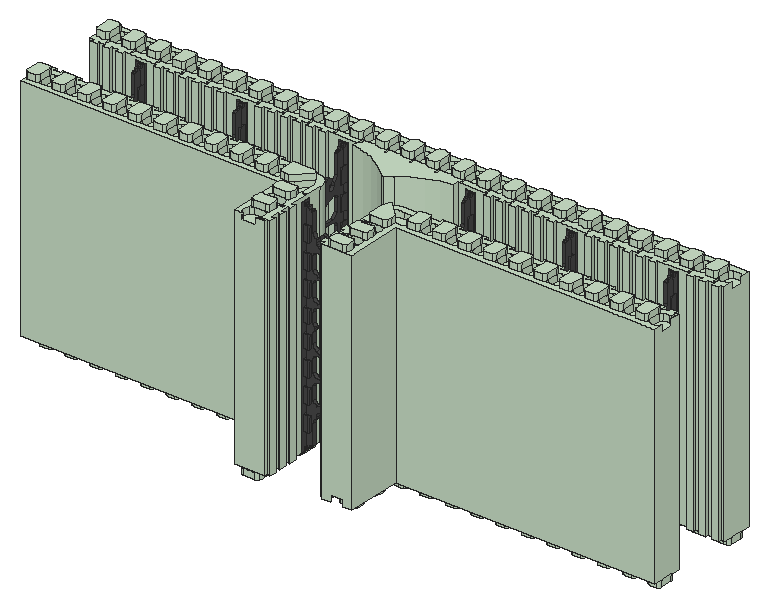
Revit family (continued)
Forms (in)
  Extrusion 46, void
    sketch origin (7.99998, -2.00002, 0) x (0, -1, 0) y (1, 0, 0)
      loop
        arc (-3.80702, -25.93338) -> (-3.78736, -25.92104) -> (-3.76455, -25.91673) r 0.0625
        line (-3.76455, -25.91673) -> (-3.41845, -25.91673) -> (-3.41845, -25.7459) -> (-3.64005, -25.7459)
        arc (-3.64005, -25.7459) -> (-3.68771, -25.72383) -> (-3.70172, -25.67321) r 0.0625
        arc (-3.70172, -25.67321) -> (-3.69045, -25.4209) -> (-3.73905, -25.17306) r 1.0625
        arc (-3.73905, -25.17306) -> (-3.82983, -25.04783) -> (-3.97692, -24.99998) r 0.25
        line (-3.97692, -24.99998) -> (-4.89808, -24.99998)
        arc (-4.89808, -24.99998) -> (-5.04517, -25.04783) -> (-5.13595, -25.17306) r 0.25
    from 18 to 17.5
  Extrusion 47, void
    sketch origin (9.99998, -2.00002, 0) x (0, -1, 0) y (1, 0, 0)
      loop
        arc (-5.13595, -25.17306) -> (-5.1875, -25.49998) -> (-5.13595, -25.8269) r 1.0625
        arc (-5.13595, -25.8269) -> (-5.04517, -25.95213) -> (-4.89808, -25.99998) r 0.25
        line (-4.89808, -25.99998) -> (-3.97692, -25.99998)
        arc (-3.97692, -25.99998) -> (-3.88568, -25.98274) -> (-3.80702, -25.93338) r 0.25
        arc (-3.80702, -25.93338) -> (-3.78736, -25.92104) -> (-3.76455, -25.91673) r 0.0625
        line (-3.76455, -25.91673) -> (-3.41845, -25.91673) -> (-3.41845, -25.7459) -> (-3.64005, -25.7459)
        arc (-3.64005, -25.7459) -> (-3.68771, -25.72383) -> (-3.70172, -25.67321) r 0.0625
        arc (-3.70172, -25.67321) -> (-3.69045, -25.4209) -> (-3.73905, -25.17306) r 1.0625
        arc (-3.73905, -25.17306) -> (-3.82983, -25.04783) -> (-3.97692, -24.99998) r 0.25
        line (-3.97692, -24.99998) -> (-4.89808, -24.99998)
        arc (-4.89808, -24.99998) -> (-5.04517, -25.04783) -> (-5.13595, -25.17306) r 0.25
    from 18 to 17.5
  Extrusion 48, void
    sketch origin (11.99998, -2.00002, 0) x (0, -1, 0) y (1, 0, 0)
      loop
        arc (-5.13595, -25.17306) -> (-5.1875, -25.49998) -> (-5.13595, -25.8269) r 1.0625
        arc (-5.13595, -25.8269) -> (-5.04517, -25.95213) -> (-4.89808, -25.99998) r 0.25
        line (-4.89808, -25.99998) -> (-3.97692, -25.99998)
        arc (-3.97692, -25.99998) -> (-3.88568, -25.98274) -> (-3.80702, -25.93338) r 0.25
        arc (-3.80702, -25.93338) -> (-3.78736, -25.92104) -> (-3.76455, -25.91673) r 0.0625
        line (-3.76455, -25.91673) -> (-3.41845, -25.91673) -> (-3.41845, -25.7459) -> (-3.64005, -25.7459)
        arc (-3.64005, -25.7459) -> (-3.68771, -25.72383) -> (-3.70172, -25.67321) r 0.0625
        arc (-3.70172, -25.67321) -> (-3.69045, -25.4209) -> (-3.73905, -25.17306) r 1.0625
        arc (-3.73905, -25.17306) -> (-3.82983, -25.04783) -> (-3.97692, -24.99998) r 0.25
        line (-3.97692, -24.99998) -> (-4.89808, -24.99998)
        arc (-4.89808, -24.99998) -> (-5.04517, -25.04783) -> (-5.13595, -25.17306) r 0.25
    from 18 to 17.5
  Extrusion 49, void
    sketch origin (13.99998, -2.00002, 0) x (0, -1, 0) y (1, 0, 0)
      loop
        arc (-5.13595, -25.17306) -> (-5.1875, -25.49998) -> (-5.13595, -25.8269) r 1.0625
        arc (-5.13595, -25.8269) -> (-5.04517, -25.95213) -> (-4.89808, -25.99998) r 0.25
        line (-4.89808, -25.99998) -> (-3.97692, -25.99998)
        arc (-3.97692, -25.99998) -> (-3.88568, -25.98274) -> (-3.80702, -25.93338) r 0.25
        arc (-3.80702, -25.93338) -> (-3.78736, -25.92104) -> (-3.76455, -25.91673) r 0.0625
        line (-3.76455, -25.91673) -> (-3.41845, -25.91673) -> (-3.41845, -25.7459) -> (-3.64005, -25.7459)
        arc (-3.64005, -25.7459) -> (-3.68771, -25.72383) -> (-3.70172, -25.67321) r 0.0625
        arc (-3.70172, -25.67321) -> (-3.69045, -25.4209) -> (-3.73905, -25.17306) r 1.0625
        arc (-3.73905, -25.17306) -> (-3.82983, -25.04783) -> (-3.97692, -24.99998) r 0.25
        line (-3.97692, -24.99998) -> (-4.89808, -24.99998)
        arc (-4.89808, -24.99998) -> (-5.04517, -25.04783) -> (-5.13595, -25.17306) r 0.25
    from 18 to 17.5
  Extrusion 50, void
    sketch origin (5.99998, -2.00002, 0) x (0, -1, 0) y (1, 0, 0)
      loop
        arc (-5.13595, -25.17306) -> (-5.1875, -25.49998) -> (-5.13595, -25.8269) r 1.0625
        arc (-5.13595, -25.8269) -> (-5.04517, -25.95213) -> (-4.89808, -25.99998) r 0.25
        line (-4.89808, -25.99998) -> (-3.97692, -25.99998)
        arc (-3.97692, -25.99998) -> (-3.88568, -25.98274) -> (-3.80702, -25.93338) r 0.25
        arc (-3.80702, -25.93338) -> (-3.78736, -25.92104) -> (-3.76455, -25.91673) r 0.0625
        line (-3.76455, -25.91673) -> (-3.41845, -25.91673) -> (-3.41845, -25.7459) -> (-3.64005, -25.7459)
        arc (-3.64005, -25.7459) -> (-3.68771, -25.72383) -> (-3.70172, -25.67321) r 0.0625
        arc (-3.70172, -25.67321) -> (-3.69045, -25.4209) -> (-3.73905, -25.17306) r 1.0625
        arc (-3.73905, -25.17306) -> (-3.82983, -25.04783) -> (-3.97692, -24.99998) r 0.25
        line (-3.97692, -24.99998) -> (-4.89808, -24.99998)
        arc (-4.89808, -24.99998) -> (-5.04517, -25.04783) -> (-5.13595, -25.17306) r 0.25
    from 18 to 17.5
  Extrusion 51, void
    sketch origin (1.99998, -2.00002, 0) x (0, -1, 0) y (1, 0, 0)
      loop
        arc (-5.13595, -25.17306) -> (-5.1875, -25.49998) -> (-5.13595, -25.8269) r 1.0625
        arc (-5.13595, -25.8269) -> (-5.04517, -25.95213) -> (-4.89808, -25.99998) r 0.25
        line (-4.89808, -25.99998) -> (-3.97692, -25.99998)
        arc (-3.97692, -25.99998) -> (-3.88568, -25.98274) -> (-3.80702, -25.93338) r 0.25
        arc (-3.80702, -25.93338) -> (-3.78736, -25.92104) -> (-3.76455, -25.91673) r 0.0625
        line (-3.76455, -25.91673) -> (-3.41845, -25.91673) -> (-3.41845, -25.7459) -> (-3.64005, -25.7459)
        arc (-3.64005, -25.7459) -> (-3.68771, -25.72383) -> (-3.70172, -25.67321) r 0.0625
        arc (-3.70172, -25.67321) -> (-3.69045, -25.4209) -> (-3.73905, -25.17306) r 1.0625
        arc (-3.73905, -25.17306) -> (-3.82983, -25.04783) -> (-3.97692, -24.99998) r 0.25
        line (-3.97692, -24.99998) -> (-4.89808, -24.99998)
        arc (-4.89808, -24.99998) -> (-5.04517, -25.04783) -> (-5.13595, -25.17306) r 0.25
    from 18 to 17.5
  Extrusion 52, void
    sketch origin (3.99998, -2.00002, 0) x (0, -1, 0) y (1, 0, 0)
      loop
        arc (-5.13595, -25.17306) -> (-5.1875, -25.49998) -> (-5.13595, -25.8269) r 1.0625
        arc (-5.13595, -25.8269) -> (-5.04517, -25.95213) -> (-4.89808, -25.99998) r 0.25
        line (-4.89808, -25.99998) -> (-3.97692, -25.99998)
        arc (-3.97692, -25.99998) -> (-3.88568, -25.98274) -> (-3.80702, -25.93338) r 0.25
        arc (-3.80702, -25.93338) -> (-3.78736, -25.92104) -> (-3.76455, -25.91673) r 0.0625
        line (-3.76455, -25.91673) -> (-3.41845, -25.91673) -> (-3.41845, -25.7459) -> (-3.64005, -25.7459)
        arc (-3.64005, -25.7459) -> (-3.68771, -25.72383) -> (-3.70172, -25.67321) r 0.0625
        arc (-3.70172, -25.67321) -> (-3.69045, -25.4209) -> (-3.73905, -25.17306) r 1.0625
        arc (-3.73905, -25.17306) -> (-3.82983, -25.04783) -> (-3.97692, -24.99998) r 0.25
        line (-3.97692, -24.99998) -> (-4.89808, -24.99998)
        arc (-4.89808, -24.99998) -> (-5.04517, -25.04783) -> (-5.13595, -25.17306) r 0.25
    from 18 to 17.5
  Extrusion 53, void
    sketch origin (-34.99998, 0.00002, 0) x (0, 1, 0) y (-1, 0, 0)
      loop
        arc (-5.13595, -25.17306) -> (-5.1875, -25.49998) -> (-5.13595, -25.8269) r 1.0625
        arc (-5.13595, -25.8269) -> (-5.04517, -25.95213) -> (-4.89808, -25.99998) r 0.25
        line (-4.89808, -25.99998) -> (-3.97692, -25.99998)
        arc (-3.97692, -25.99998) -> (-3.88568, -25.98274) -> (-3.80702, -25.93338) r 0.25
        arc (-3.80702, -25.93338) -> (-3.78736, -25.92104) -> (-3.76455, -25.91673) r 0.0625
        line (-3.76455, -25.91673) -> (-3.41845, -25.91673) -> (-3.41845, -25.7459) -> (-3.64005, -25.7459)
        arc (-3.64005, -25.7459) -> (-3.68771, -25.72383) -> (-3.70172, -25.67321) r 0.0625
        arc (-3.70172, -25.67321) -> (-3.69045, -25.4209) -> (-3.73905, -25.17306) r 1.0625
        arc (-3.73905, -25.17306) -> (-3.82983, -25.04783) -> (-3.97692, -24.99998) r 0.25
        line (-3.97692, -24.99998) -> (-4.89808, -24.99998)
        arc (-4.89808, -24.99998) -> (-5.04517, -25.04783) -> (-5.13595, -25.17306) r 0.25
    from 18 to 17.5
  Extrusion 54, void
    sketch origin (-36.99998, 0.00002, 0) x (0, 1, 0) y (-1, 0, 0)
      loop
        arc (-5.13595, -25.17306) -> (-5.1875, -25.49998) -> (-5.13595, -25.8269) r 1.0625
        arc (-5.13595, -25.8269) -> (-5.04517, -25.95213) -> (-4.89808, -25.99998) r 0.25
        line (-4.89808, -25.99998) -> (-3.97692, -25.99998)
        arc (-3.97692, -25.99998) -> (-3.88568, -25.98274) -> (-3.80702, -25.93338) r 0.25
        arc (-3.80702, -25.93338) -> (-3.78736, -25.92104) -> (-3.76455, -25.91673) r 0.0625
        line (-3.76455, -25.91673) -> (-3.41845, -25.91673) -> (-3.41845, -25.7459) -> (-3.64005, -25.7459)
        arc (-3.64005, -25.7459) -> (-3.68771, -25.72383) -> (-3.70172, -25.67321) r 0.0625
        arc (-3.70172, -25.67321) -> (-3.69045, -25.4209) -> (-3.73905, -25.17306) r 1.0625
        arc (-3.73905, -25.17306) -> (-3.82983, -25.04783) -> (-3.97692, -24.99998) r 0.25
        line (-3.97692, -24.99998) -> (-4.89808, -24.99998)
        arc (-4.89808, -24.99998) -> (-5.04517, -25.04783) -> (-5.13595, -25.17306) r 0.25
    from 18 to 17.5
  Extrusion 55, void
    sketch origin (-38.99998, 0.00002, 0) x (0, 1, 0) y (-1, 0, 0)
      loop
        arc (-5.13595, -25.17306) -> (-5.1875, -25.49998) -> (-5.13595, -25.8269) r 1.0625
        arc (-5.13595, -25.8269) -> (-5.04517, -25.95213) -> (-4.89808, -25.99998) r 0.25
        line (-4.89808, -25.99998) -> (-3.97692, -25.99998)
        arc (-3.97692, -25.99998) -> (-3.88568, -25.98274) -> (-3.80702, -25.93338) r 0.25
        arc (-3.80702, -25.93338) -> (-3.78736, -25.92104) -> (-3.76455, -25.91673) r 0.0625
        line (-3.76455, -25.91673) -> (-3.41845, -25.91673) -> (-3.41845, -25.7459) -> (-3.64005, -25.7459)
        arc (-3.64005, -25.7459) -> (-3.68771, -25.72383) -> (-3.70172, -25.67321) r 0.0625
        arc (-3.70172, -25.67321) -> (-3.69045, -25.4209) -> (-3.73905, -25.17306) r 1.0625
        arc (-3.73905, -25.17306) -> (-3.82983, -25.04783) -> (-3.97692, -24.99998) r 0.25
        line (-3.97692, -24.99998) -> (-4.89808, -24.99998)
        arc (-4.89808, -24.99998) -> (-5.04517, -25.04783) -> (-5.13595, -25.17306) r 0.25
    from 18 to 17.5
  Extrusion 56, void
    sketch origin (-40.99998, 0.00002, 0) x (0, 1, 0) y (-1, 0, 0)
      loop
        arc (-5.13595, -25.17306) -> (-5.1875, -25.49998) -> (-5.13595, -25.8269) r 1.0625
        arc (-5.13595, -25.8269) -> (-5.04517, -25.95213) -> (-4.89808, -25.99998) r 0.25
        line (-4.89808, -25.99998) -> (-3.97692, -25.99998)
        arc (-3.97692, -25.99998) -> (-3.88568, -25.98274) -> (-3.80702, -25.93338) r 0.25
        arc (-3.80702, -25.93338) -> (-3.78736, -25.92104) -> (-3.76455, -25.91673) r 0.0625
        line (-3.76455, -25.91673) -> (-3.41845, -25.91673) -> (-3.41845, -25.7459) -> (-3.64005, -25.7459)
        arc (-3.64005, -25.7459) -> (-3.68771, -25.72383) -> (-3.70172, -25.67321) r 0.0625
        arc (-3.70172, -25.67321) -> (-3.69045, -25.4209) -> (-3.73905, -25.17306) r 1.0625
        arc (-3.73905, -25.17306) -> (-3.82983, -25.04783) -> (-3.97692, -24.99998) r 0.25
        line (-3.97692, -24.99998) -> (-4.89808, -24.99998)
        arc (-4.89808, -24.99998) -> (-5.04517, -25.04783) -> (-5.13595, -25.17306) r 0.25
    from 18 to 17.5
  Extrusion 57, void
    sketch origin (-42.99998, 0.00002, 0) x (0, 1, 0) y (-1, 0, 0)
      loop
        arc (-5.13595, -25.17306) -> (-5.1875, -25.49998) -> (-5.13595, -25.8269) r 1.0625
        arc (-5.13595, -25.8269) -> (-5.04517, -25.95213) -> (-4.89808, -25.99998) r 0.25
        line (-4.89808, -25.99998) -> (-3.97692, -25.99998)
        arc (-3.97692, -25.99998) -> (-3.88568, -25.98274) -> (-3.80702, -25.93338) r 0.25
        arc (-3.80702, -25.93338) -> (-3.78736, -25.92104) -> (-3.76455, -25.91673) r 0.0625
        line (-3.76455, -25.91673) -> (-3.41845, -25.91673) -> (-3.41845, -25.7459) -> (-3.64005, -25.7459)
        arc (-3.64005, -25.7459) -> (-3.68771, -25.72383) -> (-3.70172, -25.67321) r 0.0625
        arc (-3.70172, -25.67321) -> (-3.69045, -25.4209) -> (-3.73905, -25.17306) r 1.0625
        arc (-3.73905, -25.17306) -> (-3.82983, -25.04783) -> (-3.97692, -24.99998) r 0.25
        line (-3.97692, -24.99998) -> (-4.89808, -24.99998)
        arc (-4.89808, -24.99998) -> (-5.04517, -25.04783) -> (-5.13595, -25.17306) r 0.25
    from 18 to 17.5
  Extrusion 58, void
    sketch origin (-44.99998, 0.00002, 0) x (0, 1, 0) y (-1, 0, 0)
      loop
        arc (-5.13595, -25.17306) -> (-5.1875, -25.49998) -> (-5.13595, -25.8269) r 1.0625
        arc (-5.13595, -25.8269) -> (-5.04517, -25.95213) -> (-4.89808, -25.99998) r 0.25
        line (-4.89808, -25.99998) -> (-3.97692, -25.99998)
        arc (-3.97692, -25.99998) -> (-3.88568, -25.98274) -> (-3.80702, -25.93338) r 0.25
        arc (-3.80702, -25.93338) -> (-3.78736, -25.92104) -> (-3.76455, -25.91673) r 0.0625
        line (-3.76455, -25.91673) -> (-3.41845, -25.91673) -> (-3.41845, -25.7459) -> (-3.64005, -25.7459)
        arc (-3.64005, -25.7459) -> (-3.68771, -25.72383) -> (-3.70172, -25.67321) r 0.0625
        arc (-3.70172, -25.67321) -> (-3.69045, -25.4209) -> (-3.73905, -25.17306) r 1.0625
        arc (-3.73905, -25.17306) -> (-3.82983, -25.04783) -> (-3.97692, -24.99998) r 0.25
        line (-3.97692, -24.99998) -> (-4.89808, -24.99998)
        arc (-4.89808, -24.99998) -> (-5.04517, -25.04783) -> (-5.13595, -25.17306) r 0.25
    from 18 to 17.5
  Extrusion 59, void
    sketch origin (-46.99998, 0.00002, 0) x (0, 1, 0) y (-1, 0, 0)
      loop
        arc (-5.13595, -25.17306) -> (-5.1875, -25.49998) -> (-5.13595, -25.8269) r 1.0625
        arc (-5.13595, -25.8269) -> (-5.04517, -25.95213) -> (-4.89808, -25.99998) r 0.25
        line (-4.89808, -25.99998) -> (-3.97692, -25.99998)
        arc (-3.97692, -25.99998) -> (-3.88568, -25.98274) -> (-3.80702, -25.93338) r 0.25
        arc (-3.80702, -25.93338) -> (-3.78736, -25.92104) -> (-3.76455, -25.91673) r 0.0625
        line (-3.76455, -25.91673) -> (-3.41845, -25.91673) -> (-3.41845, -25.7459) -> (-3.64005, -25.7459)
        arc (-3.64005, -25.7459) -> (-3.68771, -25.72383) -> (-3.70172, -25.67321) r 0.0625
        arc (-3.70172, -25.67321) -> (-3.69045, -25.4209) -> (-3.73905, -25.17306) r 1.0625
        arc (-3.73905, -25.17306) -> (-3.82983, -25.04783) -> (-3.97692, -24.99998) r 0.25
        line (-3.97692, -24.99998) -> (-4.89808, -24.99998)
        arc (-4.89808, -24.99998) -> (-5.04517, -25.04783) -> (-5.13595, -25.17306) r 0.25
    from 18 to 17.5
  Extrusion 60, void
    sketch origin (-48.99998, 0.00002, 0) x (0, 1, 0) y (-1, 0, 0)
      loop
        arc (-5.13595, -25.17306) -> (-5.1875, -25.49998) -> (-5.13595, -25.8269) r 1.0625
        arc (-5.13595, -25.8269) -> (-5.04517, -25.95213) -> (-4.89808, -25.99998) r 0.25
        line (-4.89808, -25.99998) -> (-3.97692, -25.99998)
        arc (-3.97692, -25.99998) -> (-3.88568, -25.98274) -> (-3.80702, -25.93338) r 0.25
        arc (-3.80702, -25.93338) -> (-3.78736, -25.92104) -> (-3.76455, -25.91673) r 0.0625
        line (-3.76455, -25.91673) -> (-3.41845, -25.91673) -> (-3.41845, -25.7459) -> (-3.64005, -25.7459)
        arc (-3.64005, -25.7459) -> (-3.68771, -25.72383) -> (-3.70172, -25.67321) r 0.0625
        arc (-3.70172, -25.67321) -> (-3.69045, -25.4209) -> (-3.73905, -25.17306) r 1.0625
        arc (-3.73905, -25.17306) -> (-3.82983, -25.04783) -> (-3.97692, -24.99998) r 0.25
        line (-3.97692, -24.99998) -> (-4.89808, -24.99998)
        arc (-4.89808, -24.99998) -> (-5.04517, -25.04783) -> (-5.13595, -25.17306) r 0.25
    from 18 to 17.5
  Extrusion 61, void
    sketch origin (-14.99998, 0.00002, 0) x (0, 1, 0) y (-1, 0, 0)
      loop
        arc (-5.13595, -25.17306) -> (-5.1875, -25.49998) -> (-5.13595, -25.8269) r 1.0625
        arc (-5.13595, -25.8269) -> (-5.04517, -25.95213) -> (-4.89808, -25.99998) r 0.25
        line (-4.89808, -25.99998) -> (-3.97692, -25.99998)
        arc (-3.97692, -25.99998) -> (-3.88568, -25.98274) -> (-3.80702, -25.93338) r 0.25
        arc (-3.80702, -25.93338) -> (-3.78736, -25.92104) -> (-3.76455, -25.91673) r 0.0625
        line (-3.76455, -25.91673) -> (-3.41845, -25.91673) -> (-3.41845, -25.7459) -> (-3.64005, -25.7459)
        arc (-3.64005, -25.7459) -> (-3.68771, -25.72383) -> (-3.70172, -25.67321) r 0.0625
        arc (-3.70172, -25.67321) -> (-3.69045, -25.4209) -> (-3.73905, -25.17306) r 1.0625
        arc (-3.73905, -25.17306) -> (-3.82983, -25.04783) -> (-3.97692, -24.99998) r 0.25
        line (-3.97692, -24.99998) -> (-4.89808, -24.99998)
        arc (-4.89808, -24.99998) -> (-5.04517, -25.04783) -> (-5.13595, -25.17306) r 0.25
    from 18 to 17.5
  Extrusion 62, void
    sketch origin (-12.99998, 0.00002, 0) x (0, 1, 0) y (-1, 0, 0)
      loop
        arc (-5.13595, -25.17306) -> (-5.1875, -25.49998) -> (-5.13595, -25.8269) r 1.0625
        arc (-5.13595, -25.8269) -> (-5.04517, -25.95213) -> (-4.89808, -25.99998) r 0.25
        line (-4.89808, -25.99998) -> (-3.97692, -25.99998)
        arc (-3.97692, -25.99998) -> (-3.88568, -25.98274) -> (-3.80702, -25.93338) r 0.25
        arc (-3.80702, -25.93338) -> (-3.78736, -25.92104) -> (-3.76455, -25.91673) r 0.0625
        line (-3.76455, -25.91673) -> (-3.41845, -25.91673) -> (-3.41845, -25.7459) -> (-3.64005, -25.7459)
        arc (-3.64005, -25.7459) -> (-3.68771, -25.72383) -> (-3.70172, -25.67321) r 0.0625
        arc (-3.70172, -25.67321) -> (-3.69045, -25.4209) -> (-3.73905, -25.17306) r 1.0625
        arc (-3.73905, -25.17306) -> (-3.82983, -25.04783) -> (-3.97692, -24.99998) r 0.25
        line (-3.97692, -24.99998) -> (-4.89808, -24.99998)
        arc (-4.89808, -24.99998) -> (-5.04517, -25.04783) -> (-5.13595, -25.17306) r 0.25
    from 18 to 17.5
  Extrusion 63, void
    sketch origin (-10.99998, 0.00002, 0) x (0, 1, 0) y (-1, 0, 0)
      loop
        arc (-5.13595, -25.17306) -> (-5.1875, -25.49998) -> (-5.13595, -25.8269) r 1.0625
        arc (-5.13595, -25.8269) -> (-5.04517, -25.95213) -> (-4.89808, -25.99998) r 0.25
        line (-4.89808, -25.99998) -> (-3.97692, -25.99998)
        arc (-3.97692, -25.99998) -> (-3.88568, -25.98274) -> (-3.80702, -25.93338) r 0.25
        arc (-3.80702, -25.93338) -> (-3.78736, -25.92104) -> (-3.76455, -25.91673) r 0.0625
        line (-3.76455, -25.91673) -> (-3.41845, -25.91673) -> (-3.41845, -25.7459) -> (-3.64005, -25.7459)
        arc (-3.64005, -25.7459) -> (-3.68771, -25.72383) -> (-3.70172, -25.67321) r 0.0625
        arc (-3.70172, -25.67321) -> (-3.69045, -25.4209) -> (-3.73905, -25.17306) r 1.0625
        arc (-3.73905, -25.17306) -> (-3.82983, -25.04783) -> (-3.97692, -24.99998) r 0.25
        line (-3.97692, -24.99998) -> (-4.89808, -24.99998)
        arc (-4.89808, -24.99998) -> (-5.04517, -25.04783) -> (-5.13595, -25.17306) r 0.25
    from 18 to 17.5
  Extrusion 64, void
    sketch origin (-8.99998, 0.00002, 0) x (0, 1, 0) y (-1, 0, 0)
      loop
        arc (-5.13595, -25.17306) -> (-5.1875, -25.49998) -> (-5.13595, -25.8269) r 1.0625
        arc (-5.13595, -25.8269) -> (-5.04517, -25.95213) -> (-4.89808, -25.99998) r 0.25
        line (-4.89808, -25.99998) -> (-3.97692, -25.99998)
        arc (-3.97692, -25.99998) -> (-3.88568, -25.98274) -> (-3.80702, -25.93338) r 0.25
        arc (-3.80702, -25.93338) -> (-3.78736, -25.92104) -> (-3.76455, -25.91673) r 0.0625
        line (-3.76455, -25.91673) -> (-3.41845, -25.91673) -> (-3.41845, -25.7459) -> (-3.64005, -25.7459)
        arc (-3.64005, -25.7459) -> (-3.68771, -25.72383) -> (-3.70172, -25.67321) r 0.0625
        arc (-3.70172, -25.67321) -> (-3.69045, -25.4209) -> (-3.73905, -25.17306) r 1.0625
        arc (-3.73905, -25.17306) -> (-3.82983, -25.04783) -> (-3.97692, -24.99998) r 0.25
        line (-3.97692, -24.99998) -> (-4.89808, -24.99998)
        arc (-4.89808, -24.99998) -> (-5.04517, -25.04783) -> (-5.13595, -25.17306) r 0.25
    from 18 to 17.5
  Extrusion 65, void
    sketch origin (-6.99998, 0.00002, 0) x (0, 1, 0) y (-1, 0, 0)
      loop
        arc (-5.13595, -25.17306) -> (-5.1875, -25.49998) -> (-5.13595, -25.8269) r 1.0625
        arc (-5.13595, -25.8269) -> (-5.04517, -25.95213) -> (-4.89808, -25.99998) r 0.25
        line (-4.89808, -25.99998) -> (-3.97692, -25.99998)
        arc (-3.97692, -25.99998) -> (-3.88568, -25.98274) -> (-3.80702, -25.93338) r 0.25
        arc (-3.80702, -25.93338) -> (-3.78736, -25.92104) -> (-3.76455, -25.91673) r 0.0625
        line (-3.76455, -25.91673) -> (-3.41845, -25.91673) -> (-3.41845, -25.7459) -> (-3.64005, -25.7459)
        arc (-3.64005, -25.7459) -> (-3.68771, -25.72383) -> (-3.70172, -25.67321) r 0.0625
        arc (-3.70172, -25.67321) -> (-3.69045, -25.4209) -> (-3.73905, -25.17306) r 1.0625
        arc (-3.73905, -25.17306) -> (-3.82983, -25.04783) -> (-3.97692, -24.99998) r 0.25
        line (-3.97692, -24.99998) -> (-4.89808, -24.99998)
        arc (-4.89808, -24.99998) -> (-5.04517, -25.04783) -> (-5.13595, -25.17306) r 0.25
    from 18 to 17.5
  Extrusion 66, void
    sketch origin (-4.99998, 0.00002, 0) x (0, 1, 0) y (-1, 0, 0)
      loop
        arc (-5.13595, -25.17306) -> (-5.1875, -25.49998) -> (-5.13595, -25.8269) r 1.0625
        arc (-5.13595, -25.8269) -> (-5.04517, -25.95213) -> (-4.89808, -25.99998) r 0.25
        line (-4.89808, -25.99998) -> (-3.97692, -25.99998)
        arc (-3.97692, -25.99998) -> (-3.88568, -25.98274) -> (-3.80702, -25.93338) r 0.25
        arc (-3.80702, -25.93338) -> (-3.78736, -25.92104) -> (-3.76455, -25.91673) r 0.0625
        line (-3.76455, -25.91673) -> (-3.41845, -25.91673) -> (-3.41845, -25.7459) -> (-3.64005, -25.7459)
        arc (-3.64005, -25.7459) -> (-3.68771, -25.72383) -> (-3.70172, -25.67321) r 0.0625
        arc (-3.70172, -25.67321) -> (-3.69045, -25.4209) -> (-3.73905, -25.17306) r 1.0625
        arc (-3.73905, -25.17306) -> (-3.82983, -25.04783) -> (-3.97692, -24.99998) r 0.25
        line (-3.97692, -24.99998) -> (-4.89808, -24.99998)
        arc (-4.89808, -24.99998) -> (-5.04517, -25.04783) -> (-5.13595, -25.17306) r 0.25
    from 18 to 17.5
  Extrusion 67, void
    sketch origin (-2.99998, 0.00002, 0) x (0, 1, 0) y (-1, 0, 0)
      loop
        arc (-5.13595, -25.17306) -> (-5.1875, -25.49998) -> (-5.13595, -25.8269) r 1.0625
        arc (-5.13595, -25.8269) -> (-5.04517, -25.95213) -> (-4.89808, -25.99998) r 0.25
        line (-4.89808, -25.99998) -> (-3.97692, -25.99998)
        arc (-3.97692, -25.99998) -> (-3.88568, -25.98274) -> (-3.80702, -25.93338) r 0.25
        arc (-3.80702, -25.93338) -> (-3.78736, -25.92104) -> (-3.76455, -25.91673) r 0.0625
        line (-3.76455, -25.91673) -> (-3.41845, -25.91673) -> (-3.41845, -25.7459) -> (-3.64005, -25.7459)
        arc (-3.64005, -25.7459) -> (-3.68771, -25.72383) -> (-3.70172, -25.67321) r 0.0625
        arc (-3.70172, -25.67321) -> (-3.69045, -25.4209) -> (-3.73905, -25.17306) r 1.0625
        arc (-3.73905, -25.17306) -> (-3.82983, -25.04783) -> (-3.97692, -24.99998) r 0.25
        line (-3.97692, -24.99998) -> (-4.89808, -24.99998)
        arc (-4.89808, -24.99998) -> (-5.04517, -25.04783) -> (-5.13595, -25.17306) r 0.25
    from 18 to 17.5
  Extrusion 68, void
    sketch origin (-0.99998, 0.00002, 0) x (0, 1, 0) y (-1, 0, 0)
      loop
        arc (-5.13595, -25.17306) -> (-5.1875, -25.49998) -> (-5.13595, -25.8269) r 1.0625
        arc (-5.13595, -25.8269) -> (-5.04517, -25.95213) -> (-4.89808, -25.99998) r 0.25
        line (-4.89808, -25.99998) -> (-3.97692, -25.99998)
        arc (-3.97692, -25.99998) -> (-3.88568, -25.98274) -> (-3.80702, -25.93338) r 0.25
        arc (-3.80702, -25.93338) -> (-3.78736, -25.92104) -> (-3.76455, -25.91673) r 0.0625
        line (-3.76455, -25.91673) -> (-3.41845, -25.91673) -> (-3.41845, -25.7459) -> (-3.64005, -25.7459)
        arc (-3.64005, -25.7459) -> (-3.68771, -25.72383) -> (-3.70172, -25.67321) r 0.0625
        arc (-3.70172, -25.67321) -> (-3.69045, -25.4209) -> (-3.73905, -25.17306) r 1.0625
        arc (-3.73905, -25.17306) -> (-3.82983, -25.04783) -> (-3.97692, -24.99998) r 0.25
        line (-3.97692, -24.99998) -> (-4.89808, -24.99998)
        arc (-4.89808, -24.99998) -> (-5.04517, -25.04783) -> (-5.13595, -25.17306) r 0.25
    from 18 to 17.5
  Extrusion 69, void
    sketch origin (37.99998, -2.00002, 0) x (0, -1, 0) y (1, 0, 0)
      loop
        arc (-5.13595, -25.17306) -> (-5.1875, -25.49998) -> (-5.13595, -25.8269) r 1.0625
        arc (-5.13595, -25.8269) -> (-5.04517, -25.95213) -> (-4.89808, -25.99998) r 0.25
        line (-4.89808, -25.99998) -> (-3.97692, -25.99998)
        arc (-3.97692, -25.99998) -> (-3.88568, -25.98274) -> (-3.80702, -25.93338) r 0.25
        arc (-3.80702, -25.93338) -> (-3.78736, -25.92104) -> (-3.76455, -25.91673) r 0.0625
        line (-3.76455, -25.91673) -> (-3.41845, -25.91673) -> (-3.41845, -25.7459) -> (-3.64005, -25.7459)
        arc (-3.64005, -25.7459) -> (-3.68771, -25.72383) -> (-3.70172, -25.67321) r 0.0625
        arc (-3.70172, -25.67321) -> (-3.69045, -25.4209) -> (-3.73905, -25.17306) r 1.0625
        arc (-3.73905, -25.17306) -> (-3.82983, -25.04783) -> (-3.97692, -24.99998) r 0.25
        line (-3.97692, -24.99998) -> (-4.89808, -24.99998)
        arc (-4.89808, -24.99998) -> (-5.04517, -25.04783) -> (-5.13595, -25.17306) r 0.25
    from 18 to 17.5
  Extrusion 70, void
    sketch origin (39.99998, -2.00002, 0) x (0, -1, 0) y (1, 0, 0)
      loop
        arc (-5.13595, -25.17306) -> (-5.1875, -25.49998) -> (-5.13595, -25.8269) r 1.0625
        arc (-5.13595, -25.8269) -> (-5.04517, -25.95213) -> (-4.89808, -25.99998) r 0.25
        line (-4.89808, -25.99998) -> (-3.97692, -25.99998)
        arc (-3.97692, -25.99998) -> (-3.88568, -25.98274) -> (-3.80702, -25.93338) r 0.25
        arc (-3.80702, -25.93338) -> (-3.78736, -25.92104) -> (-3.76455, -25.91673) r 0.0625
        line (-3.76455, -25.91673) -> (-3.41845, -25.91673) -> (-3.41845, -25.7459) -> (-3.64005, -25.7459)
        arc (-3.64005, -25.7459) -> (-3.68771, -25.72383) -> (-3.70172, -25.67321) r 0.0625
        arc (-3.70172, -25.67321) -> (-3.69045, -25.4209) -> (-3.73905, -25.17306) r 1.0625
        arc (-3.73905, -25.17306) -> (-3.82983, -25.04783) -> (-3.97692, -24.99998) r 0.25
        line (-3.97692, -24.99998) -> (-4.89808, -24.99998)
        arc (-4.89808, -24.99998) -> (-5.04517, -25.04783) -> (-5.13595, -25.17306) r 0.25
    from 18 to 17.5
  Extrusion 71, void
    sketch origin (41.99998, -2.00002, 0) x (0, -1, 0) y (1, 0, 0)
      loop
        arc (-5.13595, -25.17306) -> (-5.1875, -25.49998) -> (-5.13595, -25.8269) r 1.0625
        arc (-5.13595, -25.8269) -> (-5.04517, -25.95213) -> (-4.89808, -25.99998) r 0.25
        line (-4.89808, -25.99998) -> (-3.97692, -25.99998)
        arc (-3.97692, -25.99998) -> (-3.88568, -25.98274) -> (-3.80702, -25.93338) r 0.25
        arc (-3.80702, -25.93338) -> (-3.78736, -25.92104) -> (-3.76455, -25.91673) r 0.0625
        line (-3.76455, -25.91673) -> (-3.41845, -25.91673) -> (-3.41845, -25.7459) -> (-3.64005, -25.7459)
        arc (-3.64005, -25.7459) -> (-3.68771, -25.72383) -> (-3.70172, -25.67321) r 0.0625
        arc (-3.70172, -25.67321) -> (-3.69045, -25.4209) -> (-3.73905, -25.17306) r 1.0625
        arc (-3.73905, -25.17306) -> (-3.82983, -25.04783) -> (-3.97692, -24.99998) r 0.25
        line (-3.97692, -24.99998) -> (-4.89808, -24.99998)
        arc (-4.89808, -24.99998) -> (-5.04517, -25.04783) -> (-5.13595, -25.17306) r 0.25
    from 18 to 17.5
  Extrusion 72, void
    sketch origin (43.99998, -2.00002, 0) x (0, -1, 0) y (1, 0, 0)
      loop
        arc (-5.13595, -25.17306) -> (-5.1875, -25.49998) -> (-5.13595, -25.8269) r 1.0625
        arc (-5.13595, -25.8269) -> (-5.04517, -25.95213) -> (-4.89808, -25.99998) r 0.25
        line (-4.89808, -25.99998) -> (-3.97692, -25.99998)
        arc (-3.97692, -25.99998) -> (-3.88568, -25.98274) -> (-3.80702, -25.93338) r 0.25
        arc (-3.80702, -25.93338) -> (-3.78736, -25.92104) -> (-3.76455, -25.91673) r 0.0625
        line (-3.76455, -25.91673) -> (-3.41845, -25.91673) -> (-3.41845, -25.7459) -> (-3.64005, -25.7459)
        arc (-3.64005, -25.7459) -> (-3.68771, -25.72383) -> (-3.70172, -25.67321) r 0.0625
        arc (-3.70172, -25.67321) -> (-3.69045, -25.4209) -> (-3.73905, -25.17306) r 1.0625
        arc (-3.73905, -25.17306) -> (-3.82983, -25.04783) -> (-3.97692, -24.99998) r 0.25
        line (-3.97692, -24.99998) -> (-4.89808, -24.99998)
        arc (-4.89808, -24.99998) -> (-5.04517, -25.04783) -> (-5.13595, -25.17306) r 0.25
    from 18 to 17.5
  Extrusion 73, void
    sketch origin (45.99998, -2.00002, 0) x (0, -1, 0) y (1, 0, 0)
      loop
        arc (-5.13595, -25.17306) -> (-5.1875, -25.49998) -> (-5.13595, -25.8269) r 1.0625
        arc (-5.13595, -25.8269) -> (-5.04517, -25.95213) -> (-4.89808, -25.99998) r 0.25
        line (-4.89808, -25.99998) -> (-3.97692, -25.99998)
        arc (-3.97692, -25.99998) -> (-3.88568, -25.98274) -> (-3.80702, -25.93338) r 0.25
        arc (-3.80702, -25.93338) -> (-3.78736, -25.92104) -> (-3.76455, -25.91673) r 0.0625
        line (-3.76455, -25.91673) -> (-3.41845, -25.91673) -> (-3.41845, -25.7459) -> (-3.64005, -25.7459)
        arc (-3.64005, -25.7459) -> (-3.68771, -25.72383) -> (-3.70172, -25.67321) r 0.0625
        arc (-3.70172, -25.67321) -> (-3.69045, -25.4209) -> (-3.73905, -25.17306) r 1.0625
        arc (-3.73905, -25.17306) -> (-3.82983, -25.04783) -> (-3.97692, -24.99998) r 0.25
        line (-3.97692, -24.99998) -> (-4.89808, -24.99998)
        arc (-4.89808, -24.99998) -> (-5.04517, -25.04783) -> (-5.13595, -25.17306) r 0.25
    from 18 to 17.5
  Extrusion 74, void
    sketch origin (47.99998, -2.00002, 0) x (0, -1, 0) y (1, 0, 0)
      loop
        arc (-5.13595, -25.17306) -> (-5.1875, -25.49998) -> (-5.13595, -25.8269) r 1.0625
        arc (-5.13595, -25.8269) -> (-5.04517, -25.95213) -> (-4.89808, -25.99998) r 0.25
        line (-4.89808, -25.99998) -> (-3.97692, -25.99998)
        arc (-3.97692, -25.99998) -> (-3.88568, -25.98274) -> (-3.80702, -25.93338) r 0.25
        arc (-3.80702, -25.93338) -> (-3.78736, -25.92104) -> (-3.76455, -25.91673) r 0.0625
        line (-3.76455, -25.91673) -> (-3.41845, -25.91673) -> (-3.41845, -25.7459) -> (-3.64005, -25.7459)
        arc (-3.64005, -25.7459) -> (-3.68771, -25.72383) -> (-3.70172, -25.67321) r 0.0625
        arc (-3.70172, -25.67321) -> (-3.69045, -25.4209) -> (-3.73905, -25.17306) r 1.0625
        arc (-3.73905, -25.17306) -> (-3.82983, -25.04783) -> (-3.97692, -24.99998) r 0.25
        line (-3.97692, -24.99998) -> (-4.89808, -24.99998)
        arc (-4.89808, -24.99998) -> (-5.04517, -25.04783) -> (-5.13595, -25.17306) r 0.25
    from 18 to 17.5
  Extrusion 75, void
    sketch origin (49.99998, -2.00002, 0) x (0, -1, 0) y (1, 0, 0)
      loop
        arc (-5.13595, -25.17306) -> (-5.1875, -25.49998) -> (-5.13595, -25.8269) r 1.0625
        arc (-5.13595, -25.8269) -> (-5.04517, -25.95213) -> (-4.89808, -25.99998) r 0.25
        line (-4.89808, -25.99998) -> (-3.97692, -25.99998)
        arc (-3.97692, -25.99998) -> (-3.88568, -25.98274) -> (-3.80702, -25.93338) r 0.25
        arc (-3.80702, -25.93338) -> (-3.78736, -25.92104) -> (-3.76455, -25.91673) r 0.0625
        line (-3.76455, -25.91673) -> (-3.41845, -25.91673) -> (-3.41845, -25.7459) -> (-3.64005, -25.7459)
        arc (-3.64005, -25.7459) -> (-3.68771, -25.72383) -> (-3.70172, -25.67321) r 0.0625
        arc (-3.70172, -25.67321) -> (-3.69045, -25.4209) -> (-3.73905, -25.17306) r 1.0625
        arc (-3.73905, -25.17306) -> (-3.82983, -25.04783) -> (-3.97692, -24.99998) r 0.25
        line (-3.97692, -24.99998) -> (-4.89808, -24.99998)
        arc (-4.89808, -24.99998) -> (-5.04517, -25.04783) -> (-5.13595, -25.17306) r 0.25
    from 18 to 17.5
  Extrusion 76, void
    sketch origin (35.99998, -2.00002, 0) x (0, -1, 0) y (1, 0, 0)
      loop
        arc (-5.13595, -25.17306) -> (-5.1875, -25.49998) -> (-5.13595, -25.8269) r 1.0625
        arc (-5.13595, -25.8269) -> (-5.04517, -25.95213) -> (-4.89808, -25.99998) r 0.25
        line (-4.89808, -25.99998) -> (-3.97692, -25.99998)
        arc (-3.97692, -25.99998) -> (-3.88568, -25.98274) -> (-3.80702, -25.93338) r 0.25
        arc (-3.80702, -25.93338) -> (-3.78736, -25.92104) -> (-3.76455, -25.91673) r 0.0625
        line (-3.76455, -25.91673) -> (-3.41845, -25.91673) -> (-3.41845, -25.7459) -> (-3.64005, -25.7459)
        arc (-3.64005, -25.7459) -> (-3.68771, -25.72383) -> (-3.70172, -25.67321) r 0.0625
        arc (-3.70172, -25.67321) -> (-3.69045, -25.4209) -> (-3.73905, -25.17306) r 1.0625
        arc (-3.73905, -25.17306) -> (-3.82983, -25.04783) -> (-3.97692, -24.99998) r 0.25
        line (-3.97692, -24.99998) -> (-4.89808, -24.99998)
        arc (-4.89808, -24.99998) -> (-5.04517, -25.04783) -> (-5.13595, -25.17306) r 0.25
    from 18 to 17.5
  Extrusion 77, void
    sketch origin (14.99998, 0.00002, 0) x (0, 1, 0) y (-1, 0, 0)
      loop
        arc (-5.13595, 25.17306) -> (-5.04517, 25.04783) -> (-4.89808, 24.99998) r 0.25
        line (-4.89808, 24.99998) -> (-3.97692, 24.99998)
        arc (-3.97692, 24.99998) -> (-3.82983, 25.04783) -> (-3.73905, 25.17306) r 0.25
        arc (-3.73905, 25.17306) -> (-3.69045, 25.4209) -> (-3.70172, 25.67321) r 1.0625
        arc (-3.70172, 25.67321) -> (-3.68771, 25.72383) -> (-3.64005, 25.7459) r 0.0625
        line (-3.64005, 25.7459) -> (-3.41845, 25.7459) -> (-3.41845, 25.91673) -> (-3.76455, 25.91673)
        arc (-3.76455, 25.91673) -> (-3.78736, 25.92104) -> (-3.80702, 25.93338) r 0.0625
        arc (-3.80702, 25.93338) -> (-3.88568, 25.98274) -> (-3.97692, 25.99998) r 0.25
        line (-3.97692, 25.99998) -> (-4.89808, 25.99998)
        arc (-4.89808, 25.99998) -> (-5.04517, 25.95213) -> (-5.13595, 25.8269) r 0.25
        arc (-5.13595, 25.8269) -> (-5.1875, 25.49998) -> (-5.13595, 25.17306) r 1.0625
    from 0 to 0.5
  Extrusion 78, void
    sketch origin (12.99998, 0.00002, 0) x (0, 1, 0) y (-1, 0, 0)
      loop
        arc (-5.13595, 25.17306) -> (-5.04517, 25.04783) -> (-4.89808, 24.99998) r 0.25
        line (-4.89808, 24.99998) -> (-3.97692, 24.99998)
        arc (-3.97692, 24.99998) -> (-3.82983, 25.04783) -> (-3.73905, 25.17306) r 0.25
        arc (-3.73905, 25.17306) -> (-3.69045, 25.4209) -> (-3.70172, 25.67321) r 1.0625
        arc (-3.70172, 25.67321) -> (-3.68771, 25.72383) -> (-3.64005, 25.7459) r 0.0625
        line (-3.64005, 25.7459) -> (-3.41845, 25.7459) -> (-3.41845, 25.91673) -> (-3.76455, 25.91673)
        arc (-3.76455, 25.91673) -> (-3.78736, 25.92104) -> (-3.80702, 25.93338) r 0.0625
        arc (-3.80702, 25.93338) -> (-3.88568, 25.98274) -> (-3.97692, 25.99998) r 0.25
        line (-3.97692, 25.99998) -> (-4.89808, 25.99998)
        arc (-4.89808, 25.99998) -> (-5.04517, 25.95213) -> (-5.13595, 25.8269) r 0.25
        arc (-5.13595, 25.8269) -> (-5.1875, 25.49998) -> (-5.13595, 25.17306) r 1.0625
    from 0 to 0.5
  Extrusion 79, void
    sketch origin (10.99998, 0.00002, 0) x (0, 1, 0) y (-1, 0, 0)
      loop
        arc (-5.13595, 25.17306) -> (-5.04517, 25.04783) -> (-4.89808, 24.99998) r 0.25
        line (-4.89808, 24.99998) -> (-3.97692, 24.99998)
        arc (-3.97692, 24.99998) -> (-3.82983, 25.04783) -> (-3.73905, 25.17306) r 0.25
        arc (-3.73905, 25.17306) -> (-3.69045, 25.4209) -> (-3.70172, 25.67321) r 1.0625
        arc (-3.70172, 25.67321) -> (-3.68771, 25.72383) -> (-3.64005, 25.7459) r 0.0625
        line (-3.64005, 25.7459) -> (-3.41845, 25.7459) -> (-3.41845, 25.91673) -> (-3.76455, 25.91673)
        arc (-3.76455, 25.91673) -> (-3.78736, 25.92104) -> (-3.80702, 25.93338) r 0.0625
        arc (-3.80702, 25.93338) -> (-3.88568, 25.98274) -> (-3.97692, 25.99998) r 0.25
        line (-3.97692, 25.99998) -> (-4.89808, 25.99998)
        arc (-4.89808, 25.99998) -> (-5.04517, 25.95213) -> (-5.13595, 25.8269) r 0.25
        arc (-5.13595, 25.8269) -> (-5.1875, 25.49998) -> (-5.13595, 25.17306) r 1.0625
    from 0 to 0.5
  Extrusion 80, void
    sketch origin (8.99998, 0.00002, 0) x (0, 1, 0) y (-1, 0, 0)
      loop
        arc (-5.13595, 25.17306) -> (-5.04517, 25.04783) -> (-4.89808, 24.99998) r 0.25
        line (-4.89808, 24.99998) -> (-3.97692, 24.99998)
        arc (-3.97692, 24.99998) -> (-3.82983, 25.04783) -> (-3.73905, 25.17306) r 0.25
        arc (-3.73905, 25.17306) -> (-3.69045, 25.4209) -> (-3.70172, 25.67321) r 1.0625
        arc (-3.70172, 25.67321) -> (-3.68771, 25.72383) -> (-3.64005, 25.7459) r 0.0625
        line (-3.64005, 25.7459) -> (-3.41845, 25.7459) -> (-3.41845, 25.91673) -> (-3.76455, 25.91673)
        arc (-3.76455, 25.91673) -> (-3.78736, 25.92104) -> (-3.80702, 25.93338) r 0.0625
        arc (-3.80702, 25.93338) -> (-3.88568, 25.98274) -> (-3.97692, 25.99998) r 0.25
        line (-3.97692, 25.99998) -> (-4.89808, 25.99998)
        arc (-4.89808, 25.99998) -> (-5.04517, 25.95213) -> (-5.13595, 25.8269) r 0.25
        arc (-5.13595, 25.8269) -> (-5.1875, 25.49998) -> (-5.13595, 25.17306) r 1.0625
    from 0 to 0.5
  Extrusion 81, void
    sketch origin (6.99998, 0.00002, 0) x (0, 1, 0) y (-1, 0, 0)
      loop
        arc (-5.13595, 25.17306) -> (-5.04517, 25.04783) -> (-4.89808, 24.99998) r 0.25
        line (-4.89808, 24.99998) -> (-3.97692, 24.99998)
        arc (-3.97692, 24.99998) -> (-3.82983, 25.04783) -> (-3.73905, 25.17306) r 0.25
        arc (-3.73905, 25.17306) -> (-3.69045, 25.4209) -> (-3.70172, 25.67321) r 1.0625
        arc (-3.70172, 25.67321) -> (-3.68771, 25.72383) -> (-3.64005, 25.7459) r 0.0625
        line (-3.64005, 25.7459) -> (-3.41845, 25.7459) -> (-3.41845, 25.91673) -> (-3.76455, 25.91673)
        arc (-3.76455, 25.91673) -> (-3.78736, 25.92104) -> (-3.80702, 25.93338) r 0.0625
        arc (-3.80702, 25.93338) -> (-3.88568, 25.98274) -> (-3.97692, 25.99998) r 0.25
        line (-3.97692, 25.99998) -> (-4.89808, 25.99998)
        arc (-4.89808, 25.99998) -> (-5.04517, 25.95213) -> (-5.13595, 25.8269) r 0.25
        arc (-5.13595, 25.8269) -> (-5.1875, 25.49998) -> (-5.13595, 25.17306) r 1.0625
    from 0 to 0.5
  Extrusion 82, void
    sketch origin (4.99998, 0.00002, 0) x (0, 1, 0) y (-1, 0, 0)
      loop
        arc (-5.13595, 25.17306) -> (-5.04517, 25.04783) -> (-4.89808, 24.99998) r 0.25
        line (-4.89808, 24.99998) -> (-3.97692, 24.99998)
        arc (-3.97692, 24.99998) -> (-3.82983, 25.04783) -> (-3.73905, 25.17306) r 0.25
        arc (-3.73905, 25.17306) -> (-3.69045, 25.4209) -> (-3.70172, 25.67321) r 1.0625
        arc (-3.70172, 25.67321) -> (-3.68771, 25.72383) -> (-3.64005, 25.7459) r 0.0625
        line (-3.64005, 25.7459) -> (-3.41845, 25.7459) -> (-3.41845, 25.91673) -> (-3.76455, 25.91673)
        arc (-3.76455, 25.91673) -> (-3.78736, 25.92104) -> (-3.80702, 25.93338) r 0.0625
        arc (-3.80702, 25.93338) -> (-3.88568, 25.98274) -> (-3.97692, 25.99998) r 0.25
        line (-3.97692, 25.99998) -> (-4.89808, 25.99998)
        arc (-4.89808, 25.99998) -> (-5.04517, 25.95213) -> (-5.13595, 25.8269) r 0.25
        arc (-5.13595, 25.8269) -> (-5.1875, 25.49998) -> (-5.13595, 25.17306) r 1.0625
    from 0 to 0.5
  Extrusion 83, void
    sketch origin (2.99998, 0.00002, 0) x (0, 1, 0) y (-1, 0, 0)
      loop
        arc (-5.13595, 25.17306) -> (-5.04517, 25.04783) -> (-4.89808, 24.99998) r 0.25
        line (-4.89808, 24.99998) -> (-3.97692, 24.99998)
        arc (-3.97692, 24.99998) -> (-3.82983, 25.04783) -> (-3.73905, 25.17306) r 0.25
        arc (-3.73905, 25.17306) -> (-3.69045, 25.4209) -> (-3.70172, 25.67321) r 1.0625
        arc (-3.70172, 25.67321) -> (-3.68771, 25.72383) -> (-3.64005, 25.7459) r 0.0625
        line (-3.64005, 25.7459) -> (-3.41845, 25.7459) -> (-3.41845, 25.91673) -> (-3.76455, 25.91673)
        arc (-3.76455, 25.91673) -> (-3.78736, 25.92104) -> (-3.80702, 25.93338) r 0.0625
        arc (-3.80702, 25.93338) -> (-3.88568, 25.98274) -> (-3.97692, 25.99998) r 0.25
        line (-3.97692, 25.99998) -> (-4.89808, 25.99998)
        arc (-4.89808, 25.99998) -> (-5.04517, 25.95213) -> (-5.13595, 25.8269) r 0.25
        arc (-5.13595, 25.8269) -> (-5.1875, 25.49998) -> (-5.13595, 25.17306) r 1.0625
    from 0 to 0.5
  Extrusion 84, void
    sketch origin (0.99998, 0.00002, 0) x (0, 1, 0) y (-1, 0, 0)
      loop
        arc (-5.13595, 25.17306) -> (-5.04517, 25.04783) -> (-4.89808, 24.99998) r 0.25
        line (-4.89808, 24.99998) -> (-3.97692, 24.99998)
        arc (-3.97692, 24.99998) -> (-3.82983, 25.04783) -> (-3.73905, 25.17306) r 0.25
        arc (-3.73905, 25.17306) -> (-3.69045, 25.4209) -> (-3.70172, 25.67321) r 1.0625
        arc (-3.70172, 25.67321) -> (-3.68771, 25.72383) -> (-3.64005, 25.7459) r 0.0625
        line (-3.64005, 25.7459) -> (-3.41845, 25.7459) -> (-3.41845, 25.91673) -> (-3.76455, 25.91673)
        arc (-3.76455, 25.91673) -> (-3.78736, 25.92104) -> (-3.80702, 25.93338) r 0.0625
        arc (-3.80702, 25.93338) -> (-3.88568, 25.98274) -> (-3.97692, 25.99998) r 0.25
        line (-3.97692, 25.99998) -> (-4.89808, 25.99998)
        arc (-4.89808, 25.99998) -> (-5.04517, 25.95213) -> (-5.13595, 25.8269) r 0.25
        arc (-5.13595, 25.8269) -> (-5.1875, 25.49998) -> (-5.13595, 25.17306) r 1.0625
    from 0 to 0.5
  Extrusion 85, void
    sketch origin (34.99998, 0.00002, 0) x (0, 1, 0) y (-1, 0, 0)
      loop
        arc (-5.13595, 25.17306) -> (-5.04517, 25.04783) -> (-4.89808, 24.99998) r 0.25
        line (-4.89808, 24.99998) -> (-3.97692, 24.99998)
        arc (-3.97692, 24.99998) -> (-3.82983, 25.04783) -> (-3.73905, 25.17306) r 0.25
        arc (-3.73905, 25.17306) -> (-3.69045, 25.4209) -> (-3.70172, 25.67321) r 1.0625
        arc (-3.70172, 25.67321) -> (-3.68771, 25.72383) -> (-3.64005, 25.7459) r 0.0625
        line (-3.64005, 25.7459) -> (-3.41845, 25.7459) -> (-3.41845, 25.91673) -> (-3.76455, 25.91673)
        arc (-3.76455, 25.91673) -> (-3.78736, 25.92104) -> (-3.80702, 25.93338) r 0.0625
        arc (-3.80702, 25.93338) -> (-3.88568, 25.98274) -> (-3.97692, 25.99998) r 0.25
        line (-3.97692, 25.99998) -> (-4.89808, 25.99998)
        arc (-4.89808, 25.99998) -> (-5.04517, 25.95213) -> (-5.13595, 25.8269) r 0.25
        arc (-5.13595, 25.8269) -> (-5.1875, 25.49998) -> (-5.13595, 25.17306) r 1.0625
    from 0 to 0.5
  Extrusion 86, void
    sketch origin (36.99998, 0.00002, 0) x (0, 1, 0) y (-1, 0, 0)
      loop
        arc (-5.13595, 25.17306) -> (-5.04517, 25.04783) -> (-4.89808, 24.99998) r 0.25
        line (-4.89808, 24.99998) -> (-3.97692, 24.99998)
        arc (-3.97692, 24.99998) -> (-3.82983, 25.04783) -> (-3.73905, 25.17306) r 0.25
        arc (-3.73905, 25.17306) -> (-3.69045, 25.4209) -> (-3.70172, 25.67321) r 1.0625
        arc (-3.70172, 25.67321) -> (-3.68771, 25.72383) -> (-3.64005, 25.7459) r 0.0625
        line (-3.64005, 25.7459) -> (-3.41845, 25.7459) -> (-3.41845, 25.91673) -> (-3.76455, 25.91673)
        arc (-3.76455, 25.91673) -> (-3.78736, 25.92104) -> (-3.80702, 25.93338) r 0.0625
        arc (-3.80702, 25.93338) -> (-3.88568, 25.98274) -> (-3.97692, 25.99998) r 0.25
        line (-3.97692, 25.99998) -> (-4.89808, 25.99998)
        arc (-4.89808, 25.99998) -> (-5.04517, 25.95213) -> (-5.13595, 25.8269) r 0.25
        arc (-5.13595, 25.8269) -> (-5.1875, 25.49998) -> (-5.13595, 25.17306) r 1.0625
    from 0 to 0.5
  Extrusion 87, void
    sketch origin (38.99998, 0.00002, 0) x (0, 1, 0) y (-1, 0, 0)
      loop
        arc (-5.13595, 25.17306) -> (-5.04517, 25.04783) -> (-4.89808, 24.99998) r 0.25
        line (-4.89808, 24.99998) -> (-3.97692, 24.99998)
        arc (-3.97692, 24.99998) -> (-3.82983, 25.04783) -> (-3.73905, 25.17306) r 0.25
        arc (-3.73905, 25.17306) -> (-3.69045, 25.4209) -> (-3.70172, 25.67321) r 1.0625
        arc (-3.70172, 25.67321) -> (-3.68771, 25.72383) -> (-3.64005, 25.7459) r 0.0625
        line (-3.64005, 25.7459) -> (-3.41845, 25.7459) -> (-3.41845, 25.91673) -> (-3.76455, 25.91673)
        arc (-3.76455, 25.91673) -> (-3.78736, 25.92104) -> (-3.80702, 25.93338) r 0.0625
        arc (-3.80702, 25.93338) -> (-3.88568, 25.98274) -> (-3.97692, 25.99998) r 0.25
        line (-3.97692, 25.99998) -> (-4.89808, 25.99998)
        arc (-4.89808, 25.99998) -> (-5.04517, 25.95213) -> (-5.13595, 25.8269) r 0.25
        arc (-5.13595, 25.8269) -> (-5.1875, 25.49998) -> (-5.13595, 25.17306) r 1.0625
    from 0 to 0.5
  Extrusion 88, void
    sketch origin (40.99998, 0.00002, 0) x (0, 1, 0) y (-1, 0, 0)
      loop
        arc (-5.13595, 25.17306) -> (-5.04517, 25.04783) -> (-4.89808, 24.99998) r 0.25
        line (-4.89808, 24.99998) -> (-3.97692, 24.99998)
        arc (-3.97692, 24.99998) -> (-3.82983, 25.04783) -> (-3.73905, 25.17306) r 0.25
        arc (-3.73905, 25.17306) -> (-3.69045, 25.4209) -> (-3.70172, 25.67321) r 1.0625
        arc (-3.70172, 25.67321) -> (-3.68771, 25.72383) -> (-3.64005, 25.7459) r 0.0625
        line (-3.64005, 25.7459) -> (-3.41845, 25.7459) -> (-3.41845, 25.91673) -> (-3.76455, 25.91673)
        arc (-3.76455, 25.91673) -> (-3.78736, 25.92104) -> (-3.80702, 25.93338) r 0.0625
        arc (-3.80702, 25.93338) -> (-3.88568, 25.98274) -> (-3.97692, 25.99998) r 0.25
        line (-3.97692, 25.99998) -> (-4.89808, 25.99998)
        arc (-4.89808, 25.99998) -> (-5.04517, 25.95213) -> (-5.13595, 25.8269) r 0.25
        arc (-5.13595, 25.8269) -> (-5.1875, 25.49998) -> (-5.13595, 25.17306) r 1.0625
    from 0 to 0.5
  Extrusion 89, void
    sketch origin (42.99998, 0.00002, 0) x (0, 1, 0) y (-1, 0, 0)
      loop
        arc (-5.13595, 25.17306) -> (-5.04517, 25.04783) -> (-4.89808, 24.99998) r 0.25
        line (-4.89808, 24.99998) -> (-3.97692, 24.99998)
        arc (-3.97692, 24.99998) -> (-3.82983, 25.04783) -> (-3.73905, 25.17306) r 0.25
        arc (-3.73905, 25.17306) -> (-3.69045, 25.4209) -> (-3.70172, 25.67321) r 1.0625
        arc (-3.70172, 25.67321) -> (-3.68771, 25.72383) -> (-3.64005, 25.7459) r 0.0625
        line (-3.64005, 25.7459) -> (-3.41845, 25.7459) -> (-3.41845, 25.91673) -> (-3.76455, 25.91673)
        arc (-3.76455, 25.91673) -> (-3.78736, 25.92104) -> (-3.80702, 25.93338) r 0.0625
        arc (-3.80702, 25.93338) -> (-3.88568, 25.98274) -> (-3.97692, 25.99998) r 0.25
        line (-3.97692, 25.99998) -> (-4.89808, 25.99998)
        arc (-4.89808, 25.99998) -> (-5.04517, 25.95213) -> (-5.13595, 25.8269) r 0.25
        arc (-5.13595, 25.8269) -> (-5.1875, 25.49998) -> (-5.13595, 25.17306) r 1.0625
    from 0 to 0.5
  Extrusion 90, void
    sketch origin (44.99998, 0.00002, 0) x (0, 1, 0) y (-1, 0, 0)
      loop
        arc (-5.13595, 25.17306) -> (-5.04517, 25.04783) -> (-4.89808, 24.99998) r 0.25
        line (-4.89808, 24.99998) -> (-3.97692, 24.99998)
        arc (-3.97692, 24.99998) -> (-3.82983, 25.04783) -> (-3.73905, 25.17306) r 0.25
        arc (-3.73905, 25.17306) -> (-3.69045, 25.4209) -> (-3.70172, 25.67321) r 1.0625
        arc (-3.70172, 25.67321) -> (-3.68771, 25.72383) -> (-3.64005, 25.7459) r 0.0625
        line (-3.64005, 25.7459) -> (-3.41845, 25.7459) -> (-3.41845, 25.91673) -> (-3.76455, 25.91673)
        arc (-3.76455, 25.91673) -> (-3.78736, 25.92104) -> (-3.80702, 25.93338) r 0.0625
        arc (-3.80702, 25.93338) -> (-3.88568, 25.98274) -> (-3.97692, 25.99998) r 0.25
        line (-3.97692, 25.99998) -> (-4.89808, 25.99998)
        arc (-4.89808, 25.99998) -> (-5.04517, 25.95213) -> (-5.13595, 25.8269) r 0.25
        arc (-5.13595, 25.8269) -> (-5.1875, 25.49998) -> (-5.13595, 25.17306) r 1.0625
    from 0 to 0.5
  Extrusion 91, void
    sketch origin (46.99998, 0.00002, 0) x (0, 1, 0) y (-1, 0, 0)
      loop
        arc (-5.13595, 25.17306) -> (-5.04517, 25.04783) -> (-4.89808, 24.99998) r 0.25
        line (-4.89808, 24.99998) -> (-3.97692, 24.99998)
        arc (-3.97692, 24.99998) -> (-3.82983, 25.04783) -> (-3.73905, 25.17306) r 0.25
        arc (-3.73905, 25.17306) -> (-3.69045, 25.4209) -> (-3.70172, 25.67321) r 1.0625
        arc (-3.70172, 25.67321) -> (-3.68771, 25.72383) -> (-3.64005, 25.7459) r 0.0625
        line (-3.64005, 25.7459) -> (-3.41845, 25.7459) -> (-3.41845, 25.91673) -> (-3.76455, 25.91673)
        arc (-3.76455, 25.91673) -> (-3.78736, 25.92104) -> (-3.80702, 25.93338) r 0.0625
        arc (-3.80702, 25.93338) -> (-3.88568, 25.98274) -> (-3.97692, 25.99998) r 0.25
        line (-3.97692, 25.99998) -> (-4.89808, 25.99998)
        arc (-4.89808, 25.99998) -> (-5.04517, 25.95213) -> (-5.13595, 25.8269) r 0.25
        arc (-5.13595, 25.8269) -> (-5.1875, 25.49998) -> (-5.13595, 25.17306) r 1.0625
    from 0 to 0.5
  Extrusion 92, void
    sketch origin (48.99998, 0.00002, 0) x (0, 1, 0) y (-1, 0, 0)
      loop
        arc (-5.13595, 25.17306) -> (-5.04517, 25.04783) -> (-4.89808, 24.99998) r 0.25
        line (-4.89808, 24.99998) -> (-3.97692, 24.99998)
        arc (-3.97692, 24.99998) -> (-3.82983, 25.04783) -> (-3.73905, 25.17306) r 0.25
        arc (-3.73905, 25.17306) -> (-3.69045, 25.4209) -> (-3.70172, 25.67321) r 1.0625
        arc (-3.70172, 25.67321) -> (-3.68771, 25.72383) -> (-3.64005, 25.7459) r 0.0625
        line (-3.64005, 25.7459) -> (-3.41845, 25.7459) -> (-3.41845, 25.91673) -> (-3.76455, 25.91673)
        arc (-3.76455, 25.91673) -> (-3.78736, 25.92104) -> (-3.80702, 25.93338) r 0.0625
        arc (-3.80702, 25.93338) -> (-3.88568, 25.98274) -> (-3.97692, 25.99998) r 0.25
        line (-3.97692, 25.99998) -> (-4.89808, 25.99998)
        arc (-4.89808, 25.99998) -> (-5.04517, 25.95213) -> (-5.13595, 25.8269) r 0.25
        arc (-5.13595, 25.8269) -> (-5.1875, 25.49998) -> (-5.13595, 25.17306) r 1.0625
    from 0 to 0.5
  Extrusion 93, void
    sketch origin (-13.99998, -2.00002, 0) x (0, -1, 0) y (1, 0, 0)
      loop
        arc (-5.13595, 25.17306) -> (-5.04517, 25.04783) -> (-4.89808, 24.99998) r 0.25
        line (-4.89808, 24.99998) -> (-3.97692, 24.99998)
        arc (-3.97692, 24.99998) -> (-3.82983, 25.04783) -> (-3.73905, 25.17306) r 0.25
        arc (-3.73905, 25.17306) -> (-3.69045, 25.4209) -> (-3.70172, 25.67321) r 1.0625
        arc (-3.70172, 25.67321) -> (-3.68771, 25.72383) -> (-3.64005, 25.7459) r 0.0625
        line (-3.64005, 25.7459) -> (-3.41845, 25.7459) -> (-3.41845, 25.91673) -> (-3.76455, 25.91673)
        arc (-3.76455, 25.91673) -> (-3.78736, 25.92104) -> (-3.80702, 25.93338) r 0.0625
        arc (-3.80702, 25.93338) -> (-3.88568, 25.98274) -> (-3.97692, 25.99998) r 0.25
        line (-3.97692, 25.99998) -> (-4.89808, 25.99998)
        arc (-4.89808, 25.99998) -> (-5.04517, 25.95213) -> (-5.13595, 25.8269) r 0.25
        arc (-5.13595, 25.8269) -> (-5.1875, 25.49998) -> (-5.13595, 25.17306) r 1.0625
    from 0 to 0.5
  Extrusion 94, void
    sketch origin (-11.99998, -2.00002, 0) x (0, -1, 0) y (1, 0, 0)
      loop
        arc (-5.13595, 25.17306) -> (-5.04517, 25.04783) -> (-4.89808, 24.99998) r 0.25
        line (-4.89808, 24.99998) -> (-3.97692, 24.99998)
        arc (-3.97692, 24.99998) -> (-3.82983, 25.04783) -> (-3.73905, 25.17306) r 0.25
        arc (-3.73905, 25.17306) -> (-3.69045, 25.4209) -> (-3.70172, 25.67321) r 1.0625
        arc (-3.70172, 25.67321) -> (-3.68771, 25.72383) -> (-3.64005, 25.7459) r 0.0625
        line (-3.64005, 25.7459) -> (-3.41845, 25.7459) -> (-3.41845, 25.91673) -> (-3.76455, 25.91673)
        arc (-3.76455, 25.91673) -> (-3.78736, 25.92104) -> (-3.80702, 25.93338) r 0.0625
        arc (-3.80702, 25.93338) -> (-3.88568, 25.98274) -> (-3.97692, 25.99998) r 0.25
        line (-3.97692, 25.99998) -> (-4.89808, 25.99998)
        arc (-4.89808, 25.99998) -> (-5.04517, 25.95213) -> (-5.13595, 25.8269) r 0.25
        arc (-5.13595, 25.8269) -> (-5.1875, 25.49998) -> (-5.13595, 25.17306) r 1.0625
    from 0 to 0.5
  Extrusion 95, void
    sketch origin (-9.99998, -2.00002, 0) x (0, -1, 0) y (1, 0, 0)
      loop
        arc (-5.13595, 25.17306) -> (-5.04517, 25.04783) -> (-4.89808, 24.99998) r 0.25
        line (-4.89808, 24.99998) -> (-3.97692, 24.99998)
        arc (-3.97692, 24.99998) -> (-3.82983, 25.04783) -> (-3.73905, 25.17306) r 0.25
        arc (-3.73905, 25.17306) -> (-3.69045, 25.4209) -> (-3.70172, 25.67321) r 1.0625
        arc (-3.70172, 25.67321) -> (-3.68771, 25.72383) -> (-3.64005, 25.7459) r 0.0625
        line (-3.64005, 25.7459) -> (-3.41845, 25.7459) -> (-3.41845, 25.91673) -> (-3.76455, 25.91673)
        arc (-3.76455, 25.91673) -> (-3.78736, 25.92104) -> (-3.80702, 25.93338) r 0.0625
        arc (-3.80702, 25.93338) -> (-3.88568, 25.98274) -> (-3.97692, 25.99998) r 0.25
        line (-3.97692, 25.99998) -> (-4.89808, 25.99998)
        arc (-4.89808, 25.99998) -> (-5.04517, 25.95213) -> (-5.13595, 25.8269) r 0.25
        arc (-5.13595, 25.8269) -> (-5.1875, 25.49998) -> (-5.13595, 25.17306) r 1.0625
    from 0 to 0.5
  Extrusion 96, void
    sketch origin (-7.99998, -2.00002, 0) x (0, -1, 0) y (1, 0, 0)
      loop
        arc (-5.13595, 25.17306) -> (-5.04517, 25.04783) -> (-4.89808, 24.99998) r 0.25
        line (-4.89808, 24.99998) -> (-3.97692, 24.99998)
